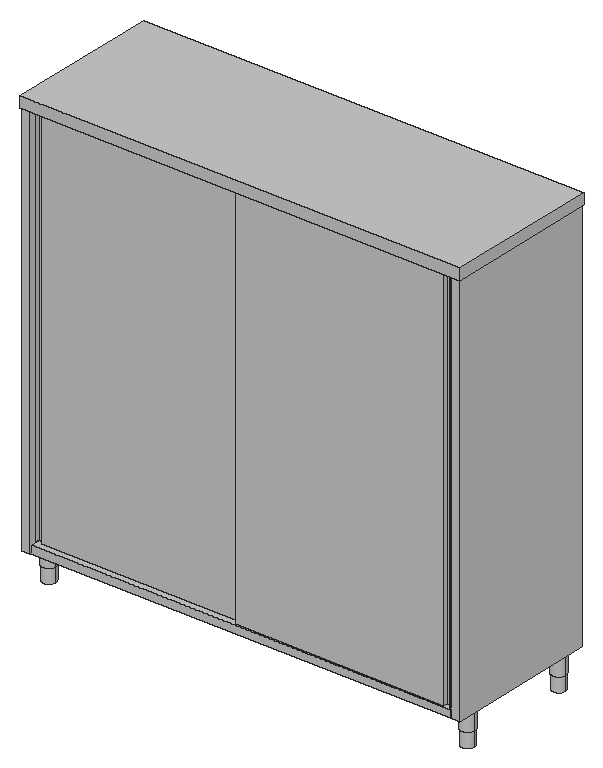
Revit family "QF_ZANUSSI_132893_SASH20N", category Attrezzature speciali, Revit 2020
Family settings
  Quota connettore circolare = Usa diametro
  Tipo di parte = Normale
  Basato su piano di lavoro = No
  Sempre verticale = Sì
  Taglio con vuoti quando caricato = No
  Condiviso = No
  Punto di calcolo locali = No
Parameters (values of type "Standard")
  Weight = 185.00 kg
  Watts = 0 W
  Volts = 0 V
  URL Manufacturer = "http://www.zanussiprofessional.com"
  URL = "http://www.zanussiprofessional.com"
  Steam Supply Size = 0 mm
  Steam Supply Minimum Pressure = 0.0 Pa
  Steam Supply Maximum Pressure = 0.0 Pa
  Steam Consumption per Hour = 0
  Refrigeration Suction Line Size = 0.0 mm
  Refrigeration Liquid Line Size = 0.0 mm
  Refrigerant Compressor Remote = yes
  Prospetto di default = 0.0 mm
  Phase = 0
  Modello = "SASH20N"
  Produttore = "Zanussi"
  Length Actual = 2000.0 mm  # constant formula
  Item Number = "132893"
  Hot Water Size = 0 mm
  Height Actual = 2000.0 mm  # constant formula
  HP = "0 HP"
  Gas Size = 0 mm
  Gas KW = 0
  Gas Input Pressure = 0 W
  Direct Waste Size = 0 mm
  Descrizione = "STORAGE CAB(H=2000)+SLIDING DOORS 2000MM"
  Depth Actual = 700.0 mm  # constant formula
  Cycle = 0 Hz
  Condensate Return Size = 0 mm
  Compressed Air Volume = 0.0 L/s
  Compressed Air Size = 0 mm
  Compressed Air Pressure = 0.0 Pa
  Cold Water Size = 0 mm
  Accessory = yes
Reference planes
  plane 1 "Center (Front/Back)": y = 0
  plane 2: z = 0
  plane 3 "Center (Left/Right)": x = -300
  plane 4 "LEFT": x = -1300
  plane 5 "RIGHT": x = 700
  plane 6 "BACK": y = 350
  plane 7 "FRONT": y = -350
  plane 8 "TOP": z = 2000
  plane 9: x = -1252
  plane 10: x = 652
  plane 11: y = 270
  plane 12: y = -247
  plane 13 "FEET": z = 150
  plane 14: x = -1254.5
  plane 15: y = -344.5
  plane 16: x = 654.5
  plane 17: x = -326.5
  plane 18: x = -273.5
  plane 19 "BaseTop": z = 1950
  plane 20: x = -1294.5
  plane 21: x = 694.5
  plane 22: y = 344.5
Forms (mm)
  Extrusion 1, solid, material "QF_Finishes_Stainless Steel"
    sketch origin (0, 0, 150) x (-1, 0, 0) y (0, -1, 0)
      loop
        line (1294.5, -350) -> (1294.5, 350) -> (1254.5, 350) -> (1254.5, -350) -> (1294.5, -350)
      loop
        line (-654.5, -350) -> (-654.5, 344.5) -> (-694.5, 344.5) -> (-694.5, -350) -> (-654.5, -350)
    from 0 to 1800
  Extrusion 2, solid, material "QF_Finishes_Stainless Steel"
    sketch origin (0, 0, 150) x (-1, 0, 0) y (0, -1, 0)
      loop
        line (1254.5, -347) -> (1254.5, 344.5) -> (-654.5, 344.5) -> (-654.5, -347) -> (1254.5, -347)
    from 0 to 35
  Extrusion 3, solid, material "QF_Finishes_Stainless Steel"
    sketch origin (0, 0, 150) x (-1, 0, 0) y (0, -1, 0)
      loop
        line (-654.5, -350) -> (1254.5, -350) -> (1254.5, -327) -> (-654.5, -327) -> (-654.5, -350)
    from 1800 to 35
  Extrusion 4, solid, material "QF_Finishes_Stainless Steel"
    sketch origin (0, 0, 1950) x (-1, 0, 0) y (0, -1, 0)
      loop
        line (1300, 350) -> (-700, 350) -> (-700, -350) -> (1300, -350) -> (1300, 350)
    from 0 to 50
  Extrusion 5, solid, material "QF_Finishes_Stainless Steel"
    sketch origin (33, 0, 150) x (-1, 0, 0) y (0, -1, 0)
      loop
        line (306.5, 324.5) -> (306.5, 304.5) -> (1285, 304.5) -> (1285, 324.5) -> (1283, 324.5) -> (1283, 309.5) -> (1256.034, 309.5) -> (1256.034, 324.5) -> (306.5, 324.5)
    from 1800 to 40
  Extrusion 6, solid, material "QF_Finishes_Stainless Steel"
    sketch origin (-633, 0, 150) x (1, 0, 0) y (0, 1, 0)
      loop
        line (306.5, -344.5) -> (1256.034, -344.5) -> (1256.034, -329.5) -> (1283, -329.5) -> (1283, -344.5) -> (1285, -344.5) -> (1285, -324.5) -> (306.5, -324.5) -> (306.5, -344.5)
    from 1800 to 40
Lines and regions (mm)
  symbolic lines, style "SpecialityEquipment"
    curve 1: line (-1300, 350, 1950) -> (700, 350, 1950)
    curve 2: line (-1300, -350, 1950) -> (-1300, 350, 1950)
    curve 3: line (700, -350, 1950) -> (-1300, -350, 1950)
    curve 4: line (700, 350, 1950) -> (700, -350, 1950)
  symbolic lines, style "SpecialityEquipmentHiddenLines"
    curve 5: line (-1300, -350, 1950) -> (700, 350, 1950)
    curve 6: line (-326.5, -324.5, 200) -> (-326.5, -344.5, 200)
    curve 7: line (-1252, -304.5, 1950) -> (-273.5, -304.5, 1950)
    curve 8: line (-273.5, -304.5, 1950) -> (-273.5, -324.5, 1950)
    curve 9: line (-273.5, -324.5, 1950) -> (-1252, -324.5, 1950)
    curve 10: line (-1252, -324.5, 1950) -> (-1252, -304.5, 1950)
    curve 11: line (-326.5, -344.5, 1950) -> (652, -344.5, 1950)
    curve 12: line (652, -344.5, 1950) -> (652, -324.5, 1950)
    curve 13: line (652, -324.5, 1950) -> (-273.5, -324.5, 1950)
Dimensions and locks
  plane 4 "LEFT" to plane 5 "RIGHT" = 2000.0 mm
  equal spacing: plane 4 "LEFT", plane 3 "Center (Left/Right)", plane 5 "RIGHT"
  plane 6 "BACK" to plane 7 "FRONT" = 700.0 mm
  equal spacing: plane 6 "BACK", plane 1 "Center (Front/Back)", plane 7 "FRONT"
  locked: plane 13 "FEET" to level at 150
  locked: plane 4 "LEFT" to plane 9 at 48
  locked: plane 10 to plane 5 "RIGHT" at 48
  locked: plane 6 "BACK" to plane 11 at 80
  locked: plane 12 to plane 7 "FRONT" at 103
  locked: plane 8 "TOP" to level at 2000
  locked: plane 17 to plane 18 at 53
  equal spacing: plane 17, plane 3 "Center (Left/Right)", plane 18
  plane 4 "LEFT" to plane 20 = 5.5 mm
  locked: plane 20 to plane 14 at 40
  locked: plane 16 to plane 21 at 40
  locked: plane 21 to plane 5 "RIGHT" at 5.5
  plane 15 to plane 7 "FRONT" = 5.5 mm  (x2)
  plane 6 "BACK" to plane 22 = 5.5 mm
  locked: plane 8 "TOP" to plane 19 "BaseTop" at 50
  aligned and locked: level to plane 2
  aligned and locked: plane 9 to nested 1
  aligned and locked: plane 10 to nested 2
  aligned and locked: nested 4 to plane 11
  aligned and locked: plane 9 to nested 3
  aligned and locked: nested 3 to plane 11
  aligned and locked: plane 6 "BACK" to Extrusion 1 sketch curve
  aligned and locked: Extrusion 1 sketch curve to plane 6 "BACK"
  aligned and locked: Extrusion 1 sketch curve to plane 7 "FRONT"
  aligned and locked: plane 14 to Extrusion 1
  aligned and locked: Extrusion 2 to plane 14
  aligned and locked: Extrusion 2 to plane 15
  aligned and locked: nested 1 to plane 12
  aligned and locked: nested 2 to plane 12
  aligned and locked: Extrusion 2 sketch curve to plane 16
  aligned and locked: nested 4 to nested 2
  aligned and locked: plane 16 to Extrusion 3
  aligned and locked: Extrusion 3 to plane 14
  aligned and locked: plane 19 "BaseTop" to Extrusion 3
Automatic sketch dimensions
  Extrusion 1 sketch curve to plane 15 = 0.0 mm
  Extrusion 1 sketch curve to plane 21 = 0.0 mm
  Extrusion 1 sketch curve to plane 16 = 0.0 mm
  Extrusion 1 sketch curve to plane 14 = 0.0 mm
  Extrusion 1 sketch curve to plane 20 = 0.0 mm
  Extrusion 2 sketch curve to plane 14 = 0.0 mm
  Extrusion 2 sketch curve to plane 15 = 0.0 mm
  plane 22 to Extrusion 2 sketch curve = 2.5 mm
  curve 6 to plane 15 = 0.0 mm
  curve 6 to plane 17 = 0.0 mm
  plane 15 to curve 6 = 20.0 mm
  Extrusion 3 sketch curve to plane 6 "BACK" = 0.0 mm
  Extrusion 3 sketch curve to plane 16 = 0.0 mm
  Extrusion 3 sketch curve to plane 14 = 0.0 mm
  plane 22 to Extrusion 3 sketch curve = 17.5 mm
  Extrusion 4 sketch curve to plane 5 "RIGHT" = 0.0 mm
  Extrusion 4 sketch curve to plane 4 "LEFT" = 0.0 mm
  Extrusion 4 sketch curve to plane 6 "BACK" = 0.0 mm
  Extrusion 4 sketch curve to plane 7 "FRONT" = 0.0 mm
  Extrusion 5 sketch curve to plane 18 = 0.0 mm
  Extrusion 5 sketch curve to plane 9 = 0.0 mm
  plane 9 to Extrusion 5 sketch curve = 28.966 mm
  plane 9 to Extrusion 5 sketch curve = 2.0 mm
  plane 15 to Extrusion 5 sketch curve = 40.0 mm
  Extrusion 5 sketch curve to Extrusion 5 sketch curve = 5.0 mm
  Extrusion 5 sketch curve to Extrusion 5 sketch curve = 15.0 mm  (x2)
  Extrusion 6 sketch curve to plane 17 = 0.0 mm
  Extrusion 6 sketch curve to plane 15 = 0.0 mm  (x2)
  Extrusion 6 sketch curve to plane 10 = 0.0 mm
  plane 10 to Extrusion 6 sketch curve = 28.966 mm
  Extrusion 6 sketch curve to plane 15 = 15.0 mm
  Extrusion 6 sketch curve to Extrusion 6 sketch curve = 20.0 mm
  Extrusion 6 sketch curve to Extrusion 6 sketch curve = 2.0 mm
  curve 1 to plane 5 "RIGHT" = 0.0 mm
  curve 11 to plane 10 = 0.0 mm
  curve 8 to plane 18 = 0.0 mm
  curve 11 to plane 17 = 0.0 mm
  curve 9 to plane 9 = 0.0 mm
  curve 3 to plane 4 "LEFT" = 0.0 mm
  curve 1 to plane 6 "BACK" = 0.0 mm
  curve 12 to plane 15 = 0.0 mm
  curve 4 to plane 7 "FRONT" = 0.0 mm
  plane 15 to curve 8 = 40.0 mm
  curve 13 to curve 11 = 20.0 mm
Nested families
  nested 1: "FEET_D60-150" at (-1252, -247, 0), type "FEET_D60-150"
  nested 2: "FEET_D60-150" at (652, -247, 0), type "FEET_D60-150"
  nested 3: "FEET_D60-150" at (-1252, 270, 0), type "FEET_D60-150"
  nested 4: "FEET_D60-150" at (652, 270, 0), type "FEET_D60-150"
Definition of nested family "FEET_D60-150"
  Parameters
    Default Elevation = 0.0 mm
    FEET = 150.0 mm
  Reference planes
    plane 1 "Center (Front/Back)": y = 0
    plane 2: z = 0
    plane 3 "Center (Left/Right)": x = 0
    plane 4: z = 150
  Forms (mm)
    Extrusion 1, solid
      sketch origin (0, 0, 0) x (1, 0, 0) y (0, 1, 0)
        loop
          circle (0, 0) r 28
      from 0 to 67
    Revolve 2, solid
      sketch origin (0, 0, 0) x (1, 0, 0) y (0, 0, 1)
        loop
          line (0, 0) -> (0, 150) -> (-32.939, 150) -> (-32.939, 67) -> (-30, 67) -> (-30, 0) -> (0, 0)
        axis (0, 150) -> (0, 0)
      angle from 0 to 360
  Lines and regions (mm)
    symbolic lines
      curve 1: line (0, -1.503, 0) -> (0, 1.508, 0)
      curve 2: line (1.561, 0, 0) -> (-1.439, 0, 0)
  Dimensions and locks
    "FEET": plane 4 to plane 2
    aligned and locked: level to plane 2
  Automatic sketch dimensions
    plane 1 "Center (Front/Back)" to Extrusion 1 sketch curve = 0.0 mm
    Extrusion 1 sketch curve to plane 3 "Center (Left/Right)" = 0.0 mm
    plane 1 "Center (Front/Back)" to curve 2 = 0.0 mm
    curve 1 to plane 3 "Center (Left/Right)" = 0.0 mm
    curve 2 to plane 3 "Center (Left/Right)" = 1.439 mm
    plane 3 "Center (Left/Right)" to curve 2 = 1.561 mm
    plane 1 "Center (Front/Back)" to curve 1 = 1.503 mm
    curve 1 to plane 1 "Center (Front/Back)" = 1.508 mm
    Revolve 2 sketch curve to plane 4 = 0.0 mm
    Revolve 2 sketch curve to level = 0.0 mm
    Revolve 2 sketch curve to plane 3 "Center (Left/Right)" = 0.0 mm  (x2)
    Revolve 2 sketch curve to plane 3 "Center (Left/Right)" = 30.0 mm
    Revolve 2 sketch curve to plane 3 "Center (Left/Right)" = 32.939 mm
    level to Revolve 2 sketch curve = 67.0 mm
    Revolve 2 sketch curve to level = 42.207 mm
    Revolve 2 sketch curve to Revolve 2 sketch curve = 10.0 mm
    radius of Extrusion 1 sketch curve = 28.0 mm
